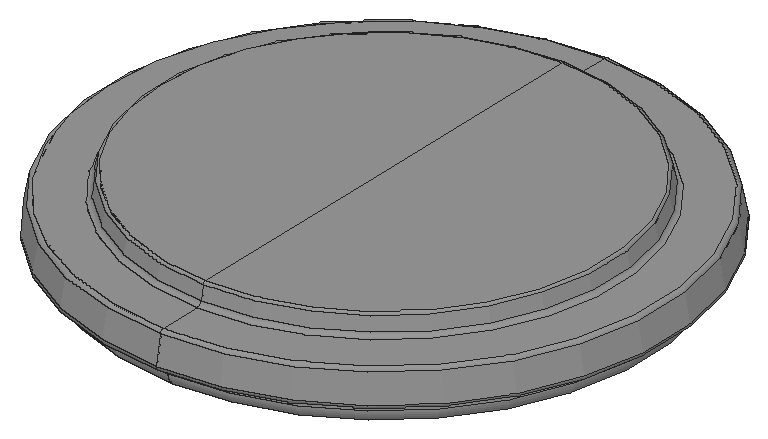
Revit family "FMK12_63_UN_Surface-mounted_ETK", category Lighting Fixtures, Revit 2017 (continued)
Definition of nested family "FMK.1 - Lightsource"
  Types (13, lengths in mm): name | Wattage Comments | Photometric Web File | built-in parameter 1150142 | Apparent Load
    FMK.1239.10 - Ø300x40 / 18W | "18W" | "FMK.1239.10.ies" | "IESNA:LM-63-2002\r\n[TEST] /2014\r\n[TESTLAB] ies2eulumdat.appspot.com\r\n[ISSUEDATE] 2021-06-16T09:02:18.810\r\n[MANUFAC] www.etk.nl\r\n[LUMCAT] FMK.1209.10\r\n[LUMINAIRE] FMK.1 LED 18W 3000/4000/5700K ø300 niet dimbaar\r\n[LAMPCAT] LED\r\n[LAMP] LED\r\nTILT=NONE\r\n1\t1710\t1\t46\t180\t1\t2\t-0.300\t-0.300\t0\r\n1.0\t1.0\t18.30\r\n0\t 2\t 4\t 6\t 8\t 10\t 12\t 14\t 16\t 18\r\n20\t 22\t 24\t 26\t 28\t 30\t 32\t 34\t 36\t 38\r\n40\t 42\t 44\t 46\t 48\t 50\t 52\t 54\t 56\t 58\r\n60\t 62\t 64\t 66\t 68\t 70\t 72\t 74\t 76\t 78\r\n80\t 82\t 84\t 86\t 88\t 90\r\n0\t 2\t 4\t 6\t 8\t 10\t 12\t 14\t 16\t 18\r\n20\t 22\t 24\t 26\t 28\t 30\t 32\t 34\t 36\t 38\r\n40\t 42\t 44\t 46\t 48\t 50\t 52\t 54\t 56\t 58\r\n60\t 62\t 64\t 66\t 68\t 70\t 72\t 74\t 76\t 78\r\n80\t 82\t 84\t 86\t 88\t 90\t 92\t 94\t 96\t 98\r\n100\t 102\t 104\t 106\t 108\t 110\t 112\t 114\t 116\t 118\r\n120\t 122\t 124\t 126\t 128\t 130\t 132\t 134\t 136\t 138\r\n140\t 142\t 144\t 146\t 148\t 150\t 152\t 154\t 156\t 158\r\n160\t 162\t 164\t 166\t 168\t 170\t 172\t 174\t 176\t 178\r\n180\t 182\t 184\t 186\t 188\t 190\t 192\t 194\t 196\t 198\r\n200\t 202\t 204\t 206\t 208\t 210\t 212\t 214\t 216\t 218\r\n220\t 222\t 224\t 226\t 228\t 230\t 232\t 234\t 236\t 238\r\n240\t 242\t 244\t 246\t 248\t 250\t 252\t 254\t 256\t 258\r\n260\t 262\t 264\t 266\t 268\t 270\t 272\t 274\t 276\t 278\r\n280\t 282\t 284\t 286\t 288\t 290\t 292\t 294\t 296\t 298\r\n300\t 302\t 304\t 306\t 308\t 310\t 312\t 314\t 316\t 318\r\n320\t 322\t 324\t 326\t 328\t 330\t 332\t 334\t 336\t 338\r\n340\t 342\t 344\t 346\t 348\t 350\t 352\t 354\t 356\t 358\r\n\r\n604.9325\t603.2919\t601.6514\t598.9367\t595.1481\t591.3474\t584.4074\t577.4673\t570.5271\t563.5989\r\n556.6589\t546.0716\t535.4844\t524.9091\t514.322\t503.7347\t489.8782\t476.0098\t462.1414\t448.2731\r\n434.4164\t417.5148\t400.6012\t383.6995\t366.7979\t349.8961\t330.7164\t311.5251\t292.3454\t273.1539\r\n253.9742\t234.7827\t215.6031\t196.4116\t177.2319\t158.0404\t0\t0\t0\t0\r\n0\t0\t0\t0\t0\t0\r\n604.9325\t603.303\t601.6736\t598.9672\t595.1776\t591.371\t584.4474\t577.518\t570.5942\t563.6772\r\n556.7804\t546.2089\t535.6382\t525.0562\t514.4711\t503.9096\t490.0793\t476.249\t462.4177\t448.5869\r\n434.7567\t417.8553\t400.9346\t384.014\t367.0954\t350.1887\t331.0138\t311.8383\t292.6629\t273.4839\r\n254.309\t235.1337\t215.9576\t196.7709\t177.5953\t158.8079\t0.4083\t0\t0\t0\r\n0\t0\t0\t0\t0\t0\r\n604.9325\t603.316\t601.6989\t599.0015\t595.1958\t591.3698\t584.4843\t577.5711\t570.6711\t563.7586\r\n556.8947\t546.3551\t535.7596\t525.1644\t514.5799\t504.0319\t490.2428\t476.4007\t462.5425\t448.6943\r\n434.9048\t418.0625\t401.1696\t384.2789\t367.3894\t350.5392\t331.4019\t312.225\t293.0468\t273.8823\r\n254.7052\t235.5402\t216.3663\t197.1991\t178.024\t160.3893\t1.6616\t0\t0\t0\r\n0\t0\t0\t0\t0\t0\r\n604.9325\t603.3306\t601.7275\t599.0433\t595.2312\t591.4156\t584.5657\t577.6625\t570.7544\t563.8431\r\n557.0019\t546.5201\t535.9272\t525.353\t514.7657\t504.264\t490.5226\t476.6557\t462.7667\t448.8924\r\n435.124\t418.3554\t401.4707\t384.5722\t367.6697\t350.8303\t331.7467\t312.5747\t293.4071\t274.2312\r\n255.0699\t235.9111\t216.7553\t197.6045\t178.4467\t162.6446\t3.8393\t0\t0\t0\r\n0\t0\t0\t0\t0\t0\r\n604.9325\t603.3467\t601.7784\t599.0852\t595.2744\t591.4839\t584.6789\t577.7818\t570.8609\t563.9373\r\n557.1543\t546.7354\t536.1372\t525.529\t514.8988\t504.4471\t490.789\t476.9063\t463.0292\t449.1418\r\n435.4474\t418.7539\t401.8361\t384.8952\t367.9622\t351.1523\t332.1531\t312.9933\t293.8363\t274.6741\r\n255.5041\t236.3482\t217.1967\t198.0491\t178.904\t165.4825\t7.0717\t0\t0\t0\r\n0\t0\t0\t0\t0\t0\r\n604.9325\t603.3646\t601.8109\t599.1301\t595.3254\t591.5822\t584.8149\t577.9154\t571.003\t564.0375\r\n557.2822\t546.9546\t536.3271\t525.6894\t515.0537\t504.6554\t491.1358\t477.2379\t463.3307\t449.4155\r\n435.7478\t419.1745\t402.2081\t385.2544\t368.2909\t351.5211\t332.6242\t313.4509\t294.2734\t275.1156\r\n255.9625\t236.8063\t217.6543\t198.5095\t179.3715\t168.6886\t11.5411\t0\t0\t0\r\n0\t0\t0\t0\t0\t0\r\n604.9325\t603.3841\t601.8434\t599.178\t595.3834\t591.6781\t584.976\t578.0752\t571.1133\t564.0963\r\n557.383\t547.1909\t536.5313\t525.8766\t515.2136\t504.8691\t491.4968\t477.5392\t463.5748\t449.6118\r\n435.9498\t419.5755\t402.6015\t385.6298\t368.6616\t351.9183\t333.1605\t313.9425\t294.7654\t275.5923\r\n256.4278\t237.2774\t218.1312\t198.9956\t179.8672\t172.0139\t17.4822\t0\t0\t0\r\n0\t0\t0\t0\t0\t0\r\n604.9325\t603.4053\t601.8759\t599.2285\t595.4497\t591.7812\t585.1731\t578.2085\t571.1927\t564.1664\r\n557.4629\t547.4497\t536.7769\t526.0887\t515.3685\t505.002\t491.8629\t477.8739\t463.8657\t449.8384\r\n436.2083\t420.1244\t403.1335\t386.0845\t369.0368\t352.2643\t333.7051\t314.4923\t295.2823\t276.0978\r\n256.9176\t237.7601\t218.6225\t199.4936\t180.379\t175.1597\t25.1927\t0\t0\t0\r\n0\t0\t0\t0\t0\t0\r\n604.9325\t603.4593\t601.9085\t599.2738\t595.5244\t591.9079\t585.3373\t578.316\t571.3136\t564.2514\r\n557.5412\t547.753\t537.0529\t526.317\t515.5469\t505.1567\t492.6884\t478.2212\t464.1752\t450.1642\r\n436.1336\t421.0943\t403.6156\t386.5209\t369.432\t352.3337\t334.5504\t315.0513\t295.836\t276.637\r\n257.4544\t238.29\t219.1493\t200.0199\t180.9108\t177.7292\t35.0259\t0\t0\t0\r\n0\t0\t0\t0\t0\t0\r\n604.9325\t603.4826\t601.941\t599.3319\t595.6075\t591.9952\t585.4602\t578.4838\t571.4702\t564.333\r\n557.6055\t548.1073\t537.3696\t526.5928\t515.7384\t504.8144\t493.0694\t478.6336\t464.5307\t450.3943\r\n436.2933\t421.64\t404.1436\t386.9492\t369.8193\t352.7072\t335.1677\t315.6771\t296.4365\t277.212\r\n258.007\t238.8258\t219.6743\t200.5397\t181.4425\t179.2574\t47.3991\t0\t0\t0\r\n0\t0\t0\t0\t0\t0\r\n604.9325\t603.5064\t601.9734\t599.3945\t595.7161\t592.0648\t585.6584\t578.7119\t571.6053\t564.412\r\n557.2136\t548.9435\t537.7363\t526.8513\t515.8959\t504.8997\t493.4258\t478.9823\t464.8596\t450.6873\r\n436.4267\t422.0138\t404.7199\t387.5204\t370.3217\t353.0976\t335.7436\t316.324\t297.0385\t277.7912\r\n258.567\t239.3682\t220.2087\t201.0815\t181.9832\t162.9148\t98.4026\t0\t0\t0\r\n0\t0\t0\t0\t0\t0\r\n604.9325\t603.5306\t602.0055\t599.4612\t595.8018\t592.0844\t585.9012\t578.9142\t571.7274\t564.5615\r\n557.281\t549.3317\t538.103\t527.1296\t516.0869\t504.9399\t493.7098\t479.4734\t465.2005\t450.9492\r\n436.7405\t422.5771\t405.4099\t388.0744\t370.7796\t353.4924\t336.2684\t316.9931\t297.6847\t278.4178\r\n259.1782\t239.9648\t220.7735\t201.6345\t182.5343\t163.481\t113.7595\t0\t0\t0\r\n0\t0\t0\t0\t0\t0\r\n604.9325\t603.5554\t602.0217\t599.532\t595.8866\t592.1561\t586.588\t579.0795\t571.9261\t564.708\r\n557.356\t549.6474\t538.4927\t527.425\t516.249\t505.0832\t494.0234\t479.9866\t465.7575\t451.3805\r\n437.0064\t422.8844\t406.0364\t388.6721\t371.3233\t353.9575\t336.8059\t317.7551\t298.3731\t279.0511\r\n259.7888\t240.5534\t221.3703\t202.2241\t183.1196\t164.0583\t128.3143\t0\t0\t0\r\n0\t0\t0\t0\t0\t0\r\n604.9325\t603.5809\t602.0558\t599.618\t595.9723\t592.2358\t586.8402\t579.3172\t572.1843\t564.8477\r\n557.415\t549.9086\t538.9015\t527.7199\t516.5471\t505.2607\t494.2777\t480.6872\t466.1976\t451.7399\r\n437.252\t422.7612\t407.2466\t389.4272\t371.966\t354.4582\t337.2243\t318.5243\t299.1108\t279.742\r\n260.4244\t241.1781\t221.9657\t202.8103\t183.7099\t164.6491\t141.3505\t0\t0\t0\r\n0\t0\t0\t0\t0\t0\r\n604.9325\t603.6071\t602.0912\t599.6912\t596.0451\t591.9798\t587.0148\t579.6483\t572.4109\t565.0026\r\n557.4889\t550.099\t539.3311\t528.166\t516.8776\t505.53\t494.0643\t481.5955\t466.7489\t452.2129\r\n437.6254\t423.0444\t408.0517\t390.1803\t372.5893\t355.0126\t337.4403\t319.5246\t299.8803\t280.4737\r\n261.1232\t241.8179\t222.5739\t203.4066\t184.3006\t165.2486\t152.0665\t0\t0\t0\r\n0\t0\t0\t0\t0\t0\r\n604.9325\t603.6338\t602.1279\t599.7642\t596.2915\t592.06\t587.2479\t579.9651\t572.6275\t565.1743\r\n557.5912\t550.1482\t539.9086\t528.6542\t517.2707\t505.7657\t494.0884\t482.1911\t467.4123\t452.7044\r\n438.0073\t423.2908\t408.632\t391.0308\t373.3713\t355.5458\t337.8389\t320.2515\t300.7003\t281.2121\r\n261.8325\t242.4922\t223.2123\t204.0069\t184.8961\t165.8551\t159.6039\t13.1538\t0\t0\r\n0\t0\t0\t0\t0\t0\r\n604.9325\t603.6611\t602.1659\t599.8376\t596.4054\t592.1391\t587.4977\t580.2805\t572.8868\t565.3787\r\n557.6678\t549.7361\t540.9527\t529.1771\t517.6731\t506.0008\t494.2758\t482.6381\t468.0299\t453.2316\r\n438.4194\t423.5879\t409.1603\t391.9077\t373.8445\t355.9972\t338.2732\t320.7969\t301.5855\t282.0214\r\n262.5566\t243.1786\t223.8823\t204.6641\t185.522\t166.4516\t162.8905\t31.8043\t0\t0\r\n0\t0\t0\t0\t0\t0\r\n604.9325\t603.6892\t602.2049\t599.908\t596.5241\t592.1992\t587.8004\t580.5758\t573.1764\t565.6227\r\n557.7326\t549.8042\t541.4288\t529.7323\t518.1144\t506.3438\t494.4987\t482.7908\t468.7329\t453.8508\r\n438.9175\t423.9507\t408.6493\t392.7359\t374.5174\t356.6496\t338.8317\t321.0335\t302.7194\t282.8805\r\n263.3626\t243.9028\t224.5481\t205.3141\t186.1662\t167.0952\t148.1118\t88.6377\t0\t0\r\n0\t0\t0\t0\t0\t0\r\n604.9325\t603.7179\t602.2449\t599.981\t596.652\t592.2995\t588.0109\t580.9296\t573.5102\t565.8506\r\n557.9219\t549.8881\t541.7121\t530.3743\t518.611\t506.7558\t494.6717\t482.47\t469.828\t454.5537\r\n439.4245\t424.0109\t408.6349\t393.3735\t375.3775\t357.3866\t339.435\t321.5173\t303.5607\t283.7689\r\n264.1651\t244.6733\t225.2874\t205.9828\t186.7886\t167.711\t148.7442\t112.1139\t0\t0\r\n0\t0\t0\t0\t0\t0\r\n604.9325\t603.7473\t602.2856\t600.0568\t596.7719\t592.4179\t588.1719\t581.3183\t573.9078\t566.0743\r\n558.1389\t549.9635\t541.9262\t531.0335\t519.2162\t507.1698\t494.9265\t482.6333\t470.329\t455.2483\r\n439.8147\t424.3822\t408.9232\t393.7403\t376.3501\t358.2294\t340.1252\t322.0395\t304.2025\t284.7408\r\n265.0668\t245.4539\t225.9736\t206.6463\t187.4435\t168.3603\t149.3849\t130.4101\t0\t0\r\n0\t0\t0\t0\t0\t0\r\n604.9325\t603.7776\t602.3343\t600.133\t596.8924\t592.5514\t588.2573\t582.1028\t574.2915\t566.3966\r\n558.3966\t550.0391\t541.4961\t532.1224\t519.854\t507.633\t495.3114\t482.8481\t470.4815\t456.3368\r\n440.5157\t424.9232\t409.2495\t393.6295\t377.6559\t359.1366\t340.8577\t322.656\t304.5206\t285.931\r\n265.9183\t246.2694\t226.7385\t207.3469\t188.0877\t168.9899\t150.0335\t142.1012\t0.9237\t0\r\n0\t0\t0\t0\t0\t0\r\n604.9325\t603.8087\t602.2411\t600.2093\t597.0138\t592.7089\t587.9814\t582.506\t574.6544\t566.7889\r\n558.6686\t550.1973\t541.4544\t532.5851\t520.5561\t508.2392\t495.7924\t483.0495\t470.1335\t457.1163\r\n441.3228\t425.5219\t409.7509\t393.9106\t378.232\t360.1469\t341.7391\t323.3504\t304.9773\t286.7673\r\n266.8982\t247.1147\t227.4881\t208.0586\t188.7792\t169.6606\t150.6879\t131.866\t21.4679\t0\r\n0\t0\t0\t0\t0\t0\r\n604.9325\t603.8407\t602.2844\t600.2854\t597.1426\t592.8591\t588.0729\t582.907\t575.0998\t567.2089\r\n558.9621\t550.3823\t541.4848\t532.7997\t521.7716\t508.9483\t496.2748\t483.3245\t470.3834\t457.4768\r\n442.2022\t426.336\t410.3521\t394.239\t378.1528\t361.5855\t342.6871\t324.0744\t305.6064\t287.3619\r\n267.8645\t248.0216\t228.3498\t208.8257\t189.4682\t170.3025\t151.3323\t132.5387\t80.029\t0\r\n0\t0\t0\t0\t0\t0\r\n604.9325\t603.8733\t602.3299\t600.3607\t597.2661\t593.1545\t588.1843\t583.2018\t575.6055\t567.6783\r\n559.3106\t550.6007\t541.5686\t532.3163\t522.4808\t509.7479\t496.8485\t483.8597\t470.6669\t457.2136\r\n443.4699\t427.2526\t410.9944\t394.713\t378.4457\t362.2796\t343.7493\t325.0072\t306.2591\t287.6577\r\n269.0839\t249.009\t229.1809\t209.5733\t190.2093\t170.9954\t151.9889\t133.1871\t107.1195\t0\r\n0\t0\t0\t0\t0\t0\r\n604.9325\t603.907\t602.3776\t600.435\t597.3875\t593.3208\t588.3223\t583.4193\t576.5313\t568.1743\r\n559.709\t550.8685\t541.7588\t532.2517\t522.878\t510.5737\t497.5582\t484.484\t471.0737\t457.3263\r\n443.9663\t428.2466\t411.8005\t395.3788\t378.7305\t362.2173\t345.2416\t325.9593\t307.1037\t288.3016\r\n269.7515\t250.003\t230.1332\t210.3898\t190.9169\t171.6613\t152.6389\t133.8373\t123.7799\t0\r\n0\t0\t0\t0\t0\t0\r\n604.9325\t603.9123\t602.428\t600.501\t597.5056\t593.4861\t588.4837\t583.5425\t577.0344\t568.7101\r\n560.1512\t551.1686\t541.9813\t532.3519\t522.4772\t511.7762\t498.5257\t485.22\t471.4735\t457.7046\r\n443.7031\t429.415\t412.8677\t396.0261\t379.2618\t362.4764\t345.8916\t327.1753\t308.035\t288.9915\r\n270.1463\t251.2322\t231.0663\t211.2373\t191.6472\t172.3408\t153.2921\t134.4874\t115.9236\t9.2138\r\n0\t0\t0\t0\t0\t0\r\n604.9325\t603.9481\t602.4812\t600.5742\t597.6202\t593.653\t588.668\t583.3077\t577.4581\t569.2983\r\n560.6533\t551.5767\t542.2042\t532.5113\t522.3616\t512.2177\t499.5876\t486.0776\t472.1462\t458.1519\r\n443.8695\t429.876\t414.2071\t396.917\t379.9187\t362.8675\t345.8321\t328.6051\t309.1102\t289.916\r\n270.7523\t251.9617\t232.0644\t212.1103\t192.4343\t173.0323\t153.9173\t135.1018\t116.562\t65.7955\r\n0\t0\t0\t0\t0\t0\r\n604.9325\t603.9852\t602.5371\t600.6467\t597.73\t593.8172\t588.8736\t583.4583\t577.7772\t570.2819\r\n561.2111\t552.1325\t542.5577\t532.7343\t522.3727\t511.8663\t500.9199\t486.9213\t472.9747\t458.7217\r\n444.2496\t429.5691\t414.7964\t398.0122\t380.7816\t363.4509\t346.0825\t328.8111\t310.4213\t290.8883\r\n271.5384\t252.3269\t233.2419\t213.0364\t193.2161\t173.736\t154.5864\t135.7567\t117.2044\t96.1475\r\n0\t0\t0\t0\t0\t0\r\n604.9325\t604.0236\t602.596\t600.7186\t597.8194\t593.9774\t589.2292\t583.6201\t577.9865\t570.7992\r\n561.8256\t552.71\t543.0652\t533.0169\t522.502\t511.8678\t501.241\t488.4687\t473.9436\t459.4936\r\n444.832\t429.7247\t414.7044\t399.4139\t381.8032\t364.1979\t346.6042\t329.0336\t311.6354\t292.1036\r\n272.4601\t253.0354\t233.7628\t214.0337\t194.1035\t174.5269\t155.255\t136.3516\t117.8305\t109.9048\r\n0\t0\t0\t0\t0\t0\r\n604.9325\t604.0637\t602.658\t600.789\t597.9215\t594.1325\t589.4529\t583.8272\t577.7627\t571.1951\r\n562.8118\t553.2917\t543.6239\t533.3822\t522.7915\t511.9619\t500.5541\t489.0998\t475.0948\t460.4654\r\n445.4767\t430.3017\t414.8994\t399.3696\t383.2919\t365.1943\t347.3191\t329.4129\t311.6006\t293.6303\r\n273.6308\t253.85\t234.3543\t215.1938\t195.0532\t175.2777\t155.9455\t136.9913\t118.4168\t100.2246\r\n10.9351\t0\t0\t0\t0\t0\r\n604.9325\t604.1049\t602.7234\t600.8579\t598.021\t594.2782\t589.6773\t584.0732\t577.9255\t571.4711\r\n563.458\t554.0039\t544.2463\t533.8777\t523.2306\t512.1995\t500.5102\t488.6583\t476.4436\t461.6248\r\n446.3237\t431.0595\t415.3954\t399.5376\t383.6965\t366.7259\t348.2364\t330.1152\t311.8732\t293.8363\r\n275.1387\t254.8952\t235.1611\t215.6652\t196.0554\t176.1444\t156.6456\t137.594\t119.0254\t100.8532\r\n68.8785\t0\t0\t0\t0\t0\r\n604.9325\t604.3797\t602.795\t600.7955\t598.1176\t594.4184\t589.9421\t584.4807\t578.1293\t571.2717\r\n564.0225\t555.1365\t544.9684\t534.4889\t523.7521\t512.5133\t500.6805\t488.5879\t476.1182\t463.0735\r\n447.6366\t431.9684\t416.1152\t399.9456\t383.6989\t367.3767\t349.5599\t330.9731\t312.5046\t294.0321\r\n275.9095\t256.218\t236.1048\t216.3684\t197.0093\t177.0397\t157.4158\t138.2701\t119.6169\t101.4035\r\n91.2126\t0\t0\t0\t0\t0\r\n604.9325\t604.4205\t602.8672\t600.8728\t598.211\t594.5549\t590.1569\t584.7672\t578.3807\t571.4627\r\n564.3113\t555.8405\t545.7988\t535.2615\t524.3877\t512.92\t501.0143\t488.7096\t476.0305\t462.7583\r\n449.2912\t433.217\t417.0958\t400.713\t384.1708\t367.2088\t350.6545\t332.2272\t313.392\t294.5441\r\n275.8683\t257.4578\t237.4149\t217.2362\t197.4869\t178.1427\t158.2694\t138.9226\t120.2106\t101.9885\r\n84.2445\t0\t0\t0\t0\t0\r\n604.9325\t604.4609\t602.9426\t600.9571\t598.301\t594.685\t590.3595\t585.0141\t578.795\t571.7158\r\n564.1432\t556.2603\t546.8908\t536.205\t525.1774\t513.5407\t501.5676\t489.0287\t476.1442\t462.6532\r\n448.9921\t434.8922\t418.416\t401.8982\t384.7929\t367.6136\t350.3325\t333.3151\t314.6323\t295.4577\r\n276.336\t257.5068\t238.7779\t218.4036\t198.3424\t178.728\t159.174\t139.7342\t120.8004\t102.4847\r\n84.7775\t45.5539\t0\t0\t0\t0\r\n604.9325\t604.5006\t603.0216\t601.0606\t598.3865\t594.8079\t590.54\t585.2417\t579.0807\t572.1467\r\n564.4011\t556.1409\t547.4037\t537.4374\t526.1369\t514.3405\t502.2658\t489.5783\t476.4823\t462.9105\r\n448.8591\t434.6232\t420.0685\t403.4046\t385.7751\t368.4205\t350.8718\t333.1656\t315.607\t296.8929\r\n277.2305\t257.8752\t238.7581\t219.918\t199.4756\t179.4703\t160.1376\t140.5119\t121.4449\t103.0157\r\n85.2703\t74.215\t0\t0\t0\t0\r\n604.9325\t604.5394\t603.1042\t601.1584\t598.3492\t594.9234\t590.7019\t585.451\t579.3531\t572.4943\r\n564.7651\t556.3877\t547.3688\t538.0224\t527.3866\t515.3535\t503.115\t490.3931\t476.9994\t463.303\r\n449.0547\t434.4994\t419.6921\t404.5604\t387.5106\t369.5539\t351.7313\t333.6797\t315.5431\t297.2741\r\n278.797\t258.7661\t239.2377\t219.9717\t200.9556\t180.5254\t160.6648\t141.5044\t122.1648\t103.5896\r\n85.7592\t68.6221\t0\t0\t0\t0\r\n604.9325\t604.5773\t603.1902\t601.2632\t598.4516\t595.0092\t590.8464\t585.643\t579.6101\t572.8202\r\n565.325\t556.7647\t547.6995\t538.0024\t527.9437\t516.6478\t504.4938\t491.4266\t477.8344\t463.9221\r\n449.6332\t434.78\t419.7115\t403.8594\t387.7921\t371.4508\t353.0947\t334.6903\t316.1395\t297.631\r\n278.8793\t260.2808\t240.1353\t220.3427\t201.0312\t181.9801\t161.6499\t142.0644\t123.0333\t104.2161\r\n86.2409\t69.0879\t15.2173\t0\t0\t0\r\n604.9325\t604.6141\t603.2798\t601.3757\t598.5679\t594.9853\t590.9493\t585.8192\t579.8489\t573.1198\r\n565.7109\t557.3403\t548.3007\t538.393\t527.9435\t517.2634\t505.3927\t492.933\t478.9816\t464.8927\r\n450.474\t435.4187\t420.1142\t403.9636\t387.6809\t371.1777\t354.5307\t336.6039\t317.3934\t298.4472\r\n279.3102\t260.28\t241.3379\t221.3309\t201.4226\t182.0109\t163.0786\t142.9823\t123.7395\t104.974\r\n86.81\t69.5539\t58.969\t0\t0\t0\r\n604.9325\t604.6498\t603.6043\t601.4957\t598.6984\t595.1135\t590.9331\t585.9739\t580.0893\t573.3916\r\n566.0512\t557.7504\t548.7954\t539.0648\t528.4009\t517.3472\t505.5605\t493.6743\t480.4541\t466.4352\r\n451.5987\t436.4298\t420.8587\t404.6187\t388.0855\t371.2381\t354.0167\t336.6193\t319.1551\t299.9255\r\n280.4523\t260.8892\t241.3921\t222.136\t202.5984\t182.4131\t163.0718\t144.3638\t124.5764\t105.7842\r\n87.4272\t70.0349\t53.7077\t0\t0\t0\r\n604.9325\t604.6844\t603.6946\t601.6237\t598.8432\t595.2649\t591.0743\t585.9936\t580.2878\t573.6051\r\n566.3212\t558.1173\t549.2219\t539.5715\t529.1248\t518.0448\t506.0844\t493.7649\t480.7344\t467.3507\r\n453.0676\t438.029\t422.0569\t405.7673\t388.9954\t371.8917\t354.386\t336.673\t318.7419\t300.4149\r\n282.1798\t262.3184\t242.4052\t222.5131\t202.8279\t183.5184\t163.5632\t144.2653\t1
